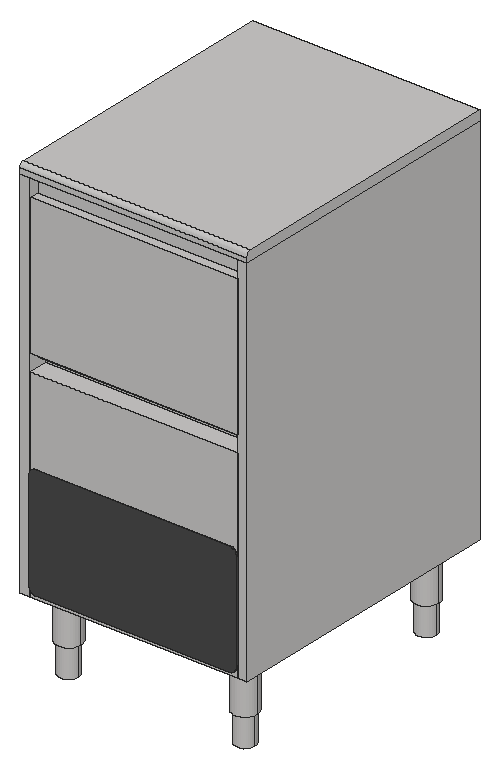
Revit family "QF_ELECTROLUXPROFESSIONAL_730287_IGE94I20SNP", category Specialty Equipment, Revit 2023
Family settings
  Round Connector Dimension = Use Diameter
  Part Type = Normal
  Work Plane-Based = No
  Enable Cutting in Views = No
  Always vertical = Yes
  Cut with Voids When Loaded = No
  Maintain Annotation Orientation = No
  Shared = No
  Room Calculation Point = No
Parameters (values of type "Standard")
  Weight = 58.00 kg
  Watts = 0 W
  Volts = 220 V
  URL Manufacturer = "http://www.electroluxprofessional.com"
  URL = "http://www.electroluxprofessional.com"
  Steam Supply Size = 0 mm
  Steam Supply Minimum Pressure = 0.0 Pa
  Steam Supply Maximum Pressure = 0.0 Pa
  Steam Pounds per Hour = 0
  Show Logo [instance] = yes
  Show Clearance [instance] = yes
  Refrigeration Suction Line Size = 0 mm
  Refrigeration Liquid Line Size = 0 mm
  Refrigerant Compressor Remote = yes
  Manufacturer = "Electrolux Professional"
  Phase = 1
  Model = "IGE94I20SNP"
  Length Actual = 465 mm
  Item Number = "730287"
  Hot Water Size = 0 mm
  Height Actual = 889 mm
  HP = "0.7 HP"
  Gas Size = 0 mm
  Gas KW = 0
  Gas Input Pressure = 0 W
  Description = "AIR COOLED GRANULAR ICE XS 94KG/24H-BIN 20KG"
  Depth Actual = 595 mm
  Default Elevation = 0 mm
  Cycle = 50 Hz
  Condensate Return Size = 0 mm
  Compressed Air Volume = 0.0 L/s
  Compressed Air Size = 0 mm
  Compressed Air Pressure = 0.0 Pa
  Cold Water Size = 19.05 mm
  Accessory = no
Reference planes
  plane 1 "Center X": y = 272.851
  plane 2: z = 0
  plane 3 "Center Y": x = -501.5
  plane 4 "LEFT": x = -734
  plane 5 "RIGHT": x = -269
  plane 6 "FRONT": y = -24.649
  plane 7 "BACK": y = 570.351
  plane 8: z = 155
  plane 9: z = 943
  plane 10: z = 923
  plane 11: x = -714
  plane 12: x = -289
  plane 13: y = 15.351
Forms (mm)
  Extrusion 1, solid, material "QF_Finishes_Black"
    sketch origin (-217.296, -24.649, 371.513) x (-1, 0, 0) y (0, 0, -1)
      loop
        arc (481.704, -21.487) -> (492.311, -17.093) -> (496.704, -6.487) r 15
        line (496.704, -6.487) -> (496.704, 194.469)
        arc (496.704, 194.469) -> (492.311, 205.075) -> (481.704, 209.469) r 15
        line (481.704, 209.469) -> (86.704, 209.469)
        arc (86.704, 209.469) -> (76.097, 205.075) -> (71.704, 194.469) r 15
        line (71.704, 194.469) -> (71.704, -6.487)
        arc (71.704, -6.487) -> (76.097, -17.093) -> (86.704, -21.487) r 15
        line (86.704, -21.487) -> (481.704, -21.487)
    from 0 to 2
  Extrusion 2, solid, material "QF_Finishes_Stainless Steel"
    sketch origin (-501.5, 0, 0) x (0, 1, 0) y (0, 0, 1)
      loop
        line (570.351, 923) -> (570.351, 943) -> (-14.649, 943)
        arc (-14.649, 943) -> (-21.72, 940.071) -> (-24.649, 933) r 10
        line (-24.649, 933) -> (-24.649, 923) -> (570.351, 923)
    from -232.5 to 232.5
  Extrusion 3, solid, material "QF_Finishes_Stainless Steel"
    sketch origin (-321.2, 570.351, -329.545) x (1, 0, 0) y (0, 0, -1)
      loop
        circle (-16.8, -655.545) r 10
    from 0 to 10
  Extrusion 4, solid, material "QF_Finishes_Stainless Steel"
    sketch origin (0, 0, 0) x (1, 0, 0) y (0, 1, 0)
      loop
        line (-734, 570.351) -> (-734, -24.649) -> (-714, -24.649) -> (-714, 570.351) -> (-734, 570.351)
    from 155 to 923
  Extrusion 5, solid, material "QF_Finishes_Stainless Steel"
    sketch origin (0, 0, 0) x (1, 0, 0) y (0, 1, 0)
      loop
        line (-289, 570.351) -> (-289, -24.649) -> (-269, -24.649) -> (-269, 570.351) -> (-289, 570.351)
    from 155 to 923
  Extrusion 6, solid, material "QF_Finishes_Stainless Steel"
    sketch origin (0, 0, 0) x (1, 0, 0) y (0, 1, 0)
      loop
        line (-714, 570.351) -> (-714, 15.351) -> (-289, 15.351) -> (-289, 570.351) -> (-714, 570.351)
    from 155 to 923
  Extrusion 7, solid, material "QF_Finishes_Stainless Steel"
    sketch origin (0, 0, 0) x (1, 0, 0) y (0, 1, 0)
      loop
        line (-714, -24.649) -> (-289, -24.649) -> (-289, 15.351) -> (-714, 15.351) -> (-714, -24.649)
    from 155 to 567.953
  Extrusion 8, solid, material "QF_Finishes_Stainless Steel"
    sketch origin (-501.5, 0, 0) x (0, 1, 0) y (0, 0, 1)
      loop
        line (15.351, 923) -> (-4.649, 923) -> (-4.649, 887) -> (-24.649, 887) -> (-24.649, 601.652) -> (-4.649, 601.652) -> (-4.649, 586.652) -> (15.351, 586.652) -> (15.351, 923)
    from -212.5 to 212.5
  Extrusion 9, solid, material "QF_Finishes_Stainless Steel"
    sketch origin (-303.2, 570.351, -440.545) x (1, 0, 0) y (0, 0, -1)
      loop
        circle (-16.8, -655.545) r 10
    from 0 to 10
  Extrusion 10, solid, material "QF_Finishes_Stainless Steel"
    sketch origin (-363.2, 570.351, -361.545) x (1, 0, 0) y (0, 0, -1)
      loop
        circle (-16.8, -655.545) r 10
    from 0 to 10
Lines and regions (mm)
  Split face 1
    outline origin (-501.5, -4.649, 923) x (0, 0, -1) y (1, 0, 0)
      loop
        line (5.715, 89.928) -> (30.715, 89.928) -> (30.715, 129.928) -> (5.715, 129.928) -> (5.715, 89.928)
  symbolic lines
    curve 1: line (-734, 570.351, 0) -> (-269, 570.351, 0)
    curve 2: line (-734, -24.649, 0) -> (-734, 570.351, 0)
    curve 3: line (-269, -24.649, 0) -> (-734, -24.649, 0)
    curve 4: line (-269, 570.351, 0) -> (-269, -24.649, 0)
Dimensions and locks
  equal spacing: plane 4 "LEFT", plane 3 "Center Y", plane 5 "RIGHT"
  plane 4 "LEFT" to plane 5 "RIGHT" = 465 mm
  equal spacing: plane 7 "BACK", plane 1 "Center X", plane 6 "FRONT"
  plane 7 "BACK" to plane 6 "FRONT" = 595 mm
  plane 8 to plane 2 = 155 mm
  plane 9 to plane 8 = 788 mm
  locked: plane 4 "LEFT" to plane 11 at 20
  locked: plane 12 to plane 5 "RIGHT" at 20
  locked: plane 9 to plane 10 at 20
  locked: plane 13 to plane 6 "FRONT" at 40
  aligned and locked: level to plane 2
  aligned and locked: plane 5 "RIGHT" to Extrusion 2
  aligned and locked: Extrusion 2 to plane 4 "LEFT"
  aligned and locked: Extrusion 4 sketch curve to Extrusion 2  (x2)
  aligned and locked: plane 6 "FRONT" to Extrusion 4 sketch curve
  aligned and locked: Extrusion 4 sketch curve to plane 11
  aligned and locked: Extrusion 5 sketch curve to plane 7 "BACK"
  aligned and locked: plane 12 to Extrusion 5 sketch curve
  aligned and locked: Extrusion 5 sketch curve to Extrusion 2  (x2)
  aligned and locked: plane 10 to Extrusion 4
  aligned and locked: plane 10 to Extrusion 5
  aligned and locked: Extrusion 4 to plane 8
  aligned and locked: Extrusion 5 to plane 8
  aligned and locked: Extrusion 6 sketch curve to Extrusion 4
  aligned and locked: Extrusion 4 to Extrusion 6 sketch curve
  aligned and locked: plane 13 to Extrusion 6 sketch curve
  aligned and locked: Extrusion 6 sketch curve to plane 12
  aligned and locked: plane 10 to Extrusion 6
  aligned and locked: Extrusion 6 to plane 8
  aligned and locked: Extrusion 4 to Extrusion 7 sketch curve
  aligned and locked: Extrusion 7 sketch curve to Extrusion 4
  aligned and locked: plane 13 to Extrusion 7 sketch curve
  aligned and locked: plane 12 to Extrusion 7 sketch curve
  aligned and locked: Extrusion 7 to plane 8
  aligned and locked: plane 12 to Extrusion 8
  aligned and locked: Extrusion 8 to plane 11
Automatic sketch dimensions
  curve 3 to plane 4 "LEFT" = 0 mm
  curve 3 to plane 5 "RIGHT" = 0 mm
  curve 3 to plane 6 "FRONT" = 0 mm
  curve 2 to plane 7 "BACK" = 0 mm
  Extrusion 1 sketch curve to plane 12 = 0 mm
  plane 8 to Extrusion 1 sketch curve = 7.044 mm
  Extrusion 1 sketch curve to Extrusion 1 sketch curve = 15 mm  (x3)
  plane 11 to Extrusion 1 sketch curve = 15 mm  (x2)
  Extrusion 1 sketch curve to Extrusion 1 sketch curve = 200.956 mm
  Extrusion 2 sketch curve to plane 6 "FRONT" = 0 mm
  Extrusion 2 sketch curve to plane 9 = 0 mm
  Extrusion 2 sketch curve to plane 7 "BACK" = 0 mm
  Extrusion 2 sketch curve to plane 10 = 0 mm
  plane 6 "FRONT" to Extrusion 2 sketch curve = 10 mm
  Extrusion 6 to Extrusion 3 sketch curve = 171 mm
  Extrusion 3 sketch curve to Extrusion 6 = 49 mm
  Split face 1 sketch curve to Extrusion 8 = 5.715 mm
  Extrusion 8 to Split face 1 sketch curve = 5.285 mm
  Split face 1 sketch curve to Extrusion 8 = 122.572 mm
  Split face 1 sketch curve to Split face 1 sketch curve = 40 mm
  Extrusion 9 sketch curve to Extrusion 6 = 31 mm
  Extrusion 6 to Extrusion 9 sketch curve = 60 mm
  Extrusion 10 sketch curve to Extrusion 6 = 91 mm
  Extrusion 6 to Extrusion 10 sketch curve = 139 mm
  Extrusion 8 sketch curve to plane 6 "FRONT" = 0 mm
  Extrusion 8 sketch curve to plane 10 = 0 mm
  Extrusion 8 sketch curve to plane 13 = 0 mm
  plane 6 "FRONT" to Extrusion 8 sketch curve = 20 mm
  Extrusion 8 sketch curve to Extrusion 8 sketch curve = 20 mm
  Extrusion 8 sketch curve to plane 10 = 36 mm
  Extrusion 8 sketch curve to Extrusion 8 sketch curve = 285.348 mm
  Extrusion 8 sketch curve to Extrusion 8 sketch curve = 15 mm
  radius of Extrusion 3 sketch curve = 10 mm
  radius of Extrusion 9 sketch curve = 10 mm
  radius of Extrusion 10 sketch curve = 10 mm
Nested families
  nested 1: "Foot_Complete" at (-682, 35.351, 0), type "Foot_Complete"
    with H 155 mm
  nested 2: "Foot_Complete" at (-321, 35.351, 0) x (-1, 0, 0) z (0, 0, 1), type "Foot_Complete"
    with H 155 mm
  nested 3: "Foot_Complete" at (-682, 499.351, 0), type "Foot_Complete"
    with H 155 mm
  nested 4: "Foot_Complete" at (-321, 499.351, 0) x (-1, 0, 0) z (0, 0, 1), type "Foot_Complete"
    with H 155 mm
Connectors
  electrical at (-320, 580.351, 215), driven by "Volts"
    settings: on Extrusion 9, index 1, voltage 220 V, apparent load 0 VA, apparent load phase1 0 VA, apparent load phase2 0 VA, apparent load phase3 0 VA, power factor 1, load classification "Altro", number of poles 1, system type 30, power factor state 1, is connector primary yes, connector utility no, sub classification motor no, connector description "Electrical Connection"
  piping at (-338, 580.351, 326), diameter 20
    settings: on Extrusion 3, index 2, connector inside diameter 609.6 mm, connector length 0 mm, flow factor 0, pipe flow 0.0 L/s, pressure drop 0.0 Pa, fitting loss kfactor 0, connector angle 0.00°, fixture units 0, engagement length 0 mm, angle of deflection 0.00°, flow configuration 0, flow direction 0, fitting loss method 0, system type 20, joint type 0, gender type 0, connector reference index -1, connector utility 0, adjustable connector no, is connector primary yes, connector description "Cold water"
  piping at (-380, 580.351, 294), diameter 20
    settings: on Extrusion 10, index 3, connector inside diameter 609.6 mm, connector length 0 mm, flow factor 0, pipe flow 0.0 L/s, pressure drop 0.0 Pa, fitting loss kfactor 0, connector angle 0.00°, fixture units 0, engagement length 0 mm, angle of deflection 0.00°, flow configuration 0, flow direction 0, fitting loss method 0, system type 16, joint type 0, gender type 0, connector reference index -1, connector utility 0, adjustable connector no, is connector primary no, connector description "Drain"
Definition of nested family "Foot_Complete"
  Parameters (values of type "Foot_Complete")
    R = 25 mm
    H = 153 mm
    Default Elevation = 0 mm
  Reference planes
    plane 1 "Centro (Fronte/Retro)": y = 0
    plane 2: z = 0
    plane 3 "Centro (Sinistra/Destra)": x = 0
    plane 4: z = 153
  Forms (mm)
    Revolve 1, solid
      sketch origin (255.05, 0, 608.09) x (0, 0, 1) y (-1, 0, 0)
        loop
          line (-608.09, 255.05) -> (-608.09, 235.05) -> (-548.09, 235.05) -> (-548.09, 230.05) -> (-455.09, 230.05) -> (-455.09, 255.05) -> (-608.09, 255.05)
        axis (-608.09, 255.05) -> (-455.09, 255.05)
      angle from 0 to 360
  Dimensions and locks
    level to Revolve 1 sketch curve = 60 mm
    "R": Revolve 1 sketch curve to plane 3 "Centro (Sinistra/Destra)"
    "H": plane 4 to level
    aligned and locked: level to plane 2
    aligned and locked: plane 4 to Revolve 1 sketch curve
    aligned and locked: Revolve 1 sketch curve to level
    aligned and locked: plane 3 "Centro (Sinistra/Destra)" to Revolve 1 sketch curve
  Automatic sketch dimensions
    Revolve 1 sketch curve to plane 3 "Centro (Sinistra/Destra)" = 0 mm
    plane 3 "Centro (Sinistra/Destra)" to Revolve 1 sketch curve = 20 mm
    Revolve 1 sketch curve to Revolve 1 sketch curve = 50 mm
    Revolve 1 sketch curve to Revolve 1 sketch curve = 20 mm
